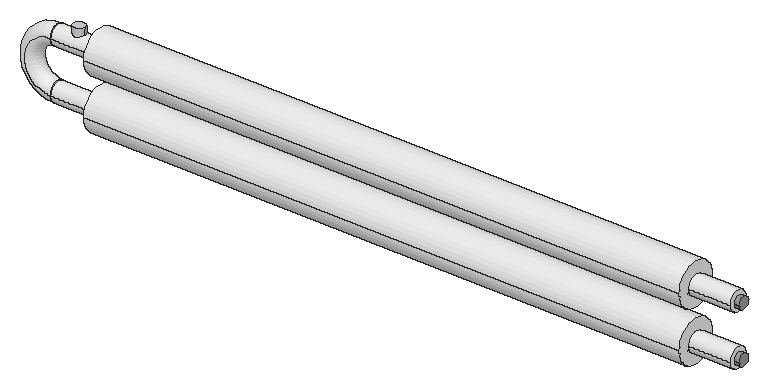
Revit family
Parameters (values of type "K33-73-08")
  URL = "http://viewer.zmags.com/publication/f01ae52f"
  Tube Radius = 16.9 mm
  Tube Diameter = 33.7 mm
  Tube = RAL 9016
  Thermal Performance = Thermal Performance Constant * Length / 1000 mm  # 105.6
  Socket Thick = 10 mm
  Socket Radius = 10 mm
  Socket = RAL 9016
  Side Socket = Tube Radius + Socket Thick  # 26.9 mm
  R = Centre Line Distance / 2  # 45 mm
  Model = "K33-73-08"
  Manufacturer = "Meinertz"  # constant formula
  Length = 1200 mm
  L = Length / 2  # 600 mm
  Keynote = "K33-73-08"
  Height = 125 mm
  GoGetNo = 6967  # constant formula
  Fins = yes
  Fin Radius = 41.5 mm
  Fin Pitch = RAL 9016 F
  Fin Diameter = 73 mm
  Centre Line Distance = 90 mm
  Thermal Performance Constant = if(Fin Diameter = 73 mm, 88, if(Fin Diameter = 83 mm, 104, if(Fin Diameter = 92 mm, 88, if(Fin Diameter = 98 mm, 82, if(Fin Diameter = 123 mm, 110, if(Fin Diameter = 139 mm, 133, 180))))))  # 88
Types (9, lengths in mm): name | Tube Radius | Tube Diameter | Thermal Performance | Socket Radius | Side Socket | R | Model | Keynote | Height | Fin Radius | Fin Diameter | Centre Line Distance | Thermal Performance Constant
  (no name) | 16.9 | 33.7 | 105.6 | 10 | 26.9 | 45 | "K33-73-08" | "K33-73-08" | 125 | 41.5 | 73 | 90 | 88
  K33-73-08 | 16.9 | 33.7 | 105.6 | 10 | 26.9 | 45 | "K33-73-08" | "K33-73-08" | 125 | 41.5 | 73 | 90 | 88
  K33-83-10 | 16.9 | 33.7 | 124.8 | 10 | 26.9 | 50 | "K33-83-10" | "K33-83-10" | 125 | 41.5 | 83 | 100 | 104
  K42-92-10 | 21.2 | 42.4 | 105.6 | 10 | 31.2 | 50 | "K42-92-10" | "K42-92-10" | 150 | 46 | 92 | 100 | 88
  K48-98-10 | 24.2 | 48.3 | 98.4 | 10 | 34.2 | 60 | "K48-98-10" | "K48-98-10" | 150 | 49 | 98 | 120 | 82
  K60-110-10 | 30.2 | 60.3 | 216 | 10 | 40.2 | 75 | "K60-110-10" | "K60-110-10" | 150 | 55 | 110 | 150 | 180
  K60-123-12 | 30.2 | 60.3 | 132 | 11.9 | 40.2 | 75 | "K60-123-12" | "K60-123-12" | 150 | 61.5 | 123 | 150 | 110
  K76-139-12 | 38.5 | 76.1 | 159.6 | 10 | 48.5 | 95 | "K76-139-12" | "K76-139-12" | 150 | 69.5 | 139 | 190 | 133
  K101-164-12 | 50.8 | 101.6 | 216 | 10 | 60.8 | 135 | "K101-164-12" | "K101-164-12" | 150 | 82 | 164 | 270 | 180
Reference planes
  plane 1 "Center (Front/Back)": y = 0
  plane 2: z = 0
  plane 3 "Center (Left/Right)": x = 0
  plane 4: z = 166.5
  plane 5: z = 256.5
  plane 6: z = 125
  plane 7: z = 298
  plane 8: x = -600
  plane 9: x = 600
  plane 10: x = 610
  plane 11: z = 211.5
  plane 12: x = -562.5
Forms (mm)
  Sweep 1, solid, material "RAL 9016" <- "Tube"
    path origin (-200, 0, 0) x (1, 0, 0) y (0, 0, 1)
      loop
        arc (-400, 256.5) -> (-445, 211.5) -> (-400, 166.5) r 45
    profile origin (-645, 0, 211.5) x (0, -1, 0) y (1, 0, 0)
      loop
        circle (0, 0) r 16.9
  Extrusion 2, solid, material "Tap"
    sketch origin (0, 0, 0) x (0, 1, 0) y (0, 0, 1)
      loop
        circle (0, 166.5) r 10
    from 600 to 610
  Extrusion 3, solid, material "Tap"
    sketch origin (0, 0, 0) x (0, 1, 0) y (0, 0, 1)
      loop
        circle (0, 256.5) r 10
    from 600 to 610
  Extrusion 4, solid
    sketch origin (-666.92, -1524, 256.5) x (-1, 0, 0) y (0, -1, 0)
      loop
        circle (-104.42, -1524) r 10
    from 0 to 26.9
Dimensions and locks
  "Centre Line Distance": plane 5 to plane 4
  "Height": plane 6 to level
  "Fin Radius": plane 7 to plane 5
  "Fin Radius": plane 4 to plane 6
  "L": plane 3 "Center (Left/Right)" to plane 8
  "Socket Thick": plane 10 to plane 9
  "L": plane 9 to plane 3 "Center (Left/Right)"
  equal spacing: plane 5, plane 11, plane 4
  equal spacing: nested 2, plane 12, plane 8
  equal spacing: Extrusion 4 sketch curve, plane 12, Extrusion 4 sketch curve
  equal spacing: Extrusion 4 sketch curve, plane 1 "Center (Front/Back)", Extrusion 4 sketch curve
  "Tube Radius": radius of Sweep 1 sketch curve
  "R": radius of Sweep 1 sketch curve
  "Socket Radius": radius of Extrusion 2 sketch curve
  "Socket Radius": radius of Extrusion 3 sketch curve
  aligned and locked: plane 1 "Center (Front/Back)" to nested 1
  aligned and locked: plane 4 to nested 1
  aligned and locked: plane 5 to nested 2
  aligned and locked: Sweep 1 to plane 8
  aligned and locked: plane 8 to Sweep 1 sketch curve  (x2)
  aligned and locked: plane 10 to Extrusion 2
  aligned and locked: plane 10 to Extrusion 3
  aligned and locked: plane 9 to nested 2
  aligned and locked: plane 9 to nested 1
  aligned and locked: plane 9 to Extrusion 3
  aligned and locked: plane 9 to Extrusion 2
Automatic sketch dimensions
  Sweep 1 sketch curve to plane 5 = 0 mm
  Sweep 1 sketch curve to plane 1 "Center (Front/Back)" = 0 mm
  Sweep 1 sketch curve to profile plane = 0 mm
  Extrusion 2 sketch curve to plane 1 "Center (Front/Back)" = 0 mm
  Extrusion 2 sketch curve to plane 4 = 0 mm
  Extrusion 3 sketch curve to plane 1 "Center (Front/Back)" = 0 mm
  Extrusion 3 sketch curve to plane 5 = 0 mm
  radius of Extrusion 4 sketch curve = 10 mm
Nested families
  nested 1: "Ribberør LSV-Finned Tube" at (0, 0, -33.5), type "k33-73-08"
  nested 2: "Ribberør LSV-Finned Tube" at (0, 0, 56.5), type "k33-73-08"
Connectors
  piping at (610, 0, 166.5)
    settings: on Extrusion 2, index 1, connector radius 10 mm, flow factor 0, pipe flow 0.0 L/s, pressure drop 0.0 Pa, fitting loss kfactor 0, connector angle 0.00°, fixture units 0, flow configuration 1, flow direction 1, fitting loss method 0, system type 22, connector reference index -1, connector utility 0, adjustable connector no, is connector primary yes, fitting loss table "", connector description ""
  piping at (610, 0, 256.5)
    settings: on Extrusion 3, index 2, connector radius 10 mm, flow factor 0, pipe flow 0.0 L/s, pressure drop 0.0 Pa, fitting loss kfactor 0, connector angle 0.00°, fixture units 0, flow configuration 1, flow direction 2, fitting loss method 0, system type 22, connector reference index -1, connector utility 0, adjustable connector no, is connector primary no, fitting loss table "", connector description ""
  piping at (-562.5, 0, 283.4)
    settings: on Extrusion 4, index 3, connector radius 10 mm, flow factor 0, pipe flow 0.0 L/s, pressure drop 0.0 Pa, fitting loss kfactor 0, connector angle 0.00°, fixture units 0, flow configuration 1, flow direction 2, fitting loss method 0, system type 22, connector reference index -1, connector utility 0, adjustable connector no, is connector primary no, fitting loss table "", connector description ""
Definition of nested family "Ribberør LSV-Finned Tube"
  Parameters (values of type "K101-164-12")
    URL = "http://www.meinertz.com"
    Tube Radius = Tube Diameter / 2  # 50.8 mm
    Tube Diameter = 101.6 mm
    Tube = RAL 9016
    Offset = 75 mm
    Model = "K101-164-12"
    Max #1 Pole Breakers [instance] = 271
    Manufacturer = "Meinertz"
    Length = 1200 mm
    Keynote = "K101-164-12"
    Height = 150 mm
    GoGetNo = 6959  # constant formula
    Fins = yes
    Fin Radius = Fin Diameter / 2  # 82 mm
    Fin Pitch = RAL 9016 F
    Fin Offset = 0.6 mm
    Fin Diameter = 164 mm
    Assembly Code = ""
  Types (8, lengths in mm): name | Tube Radius | Tube Diameter | Model | Max #1 Pole Breakers | Keynote | Height | Fin Radius | Fin Offset | Fin Diameter
    K33-83-10 | 16.85 | 33.7 | "K33-83-10" | 271 | "K33-83-10" | 150 | 41.5 | 0.3 | 83
    K42-92-10 | 21.2 | 42.4 | "K42-92-10" | 271 | "K42-92-10" | 150 | 46 | 0.4 | 92
    K48-98-10 | 24.15 | 48.3 | "K48-98-10" | 271 | "K48-98-10" | 150 | 49 | 0.4 | 98
    K60-110-10 | 30.15 | 60.3 | "K60-110-10" | 271 | "K60-110-10" | 150 | 55 | 0.5 | 110
    K60-123-12 | 30.15 | 60.3 | "K60-123-12" | 271 | "K60-123-12" | 150 | 61.5 | 0.4 | 123
    K76-139-12 | 38.05 | 76.1 | "K76-139-12" | 271 | "K76-139-12" | 150 | 69.5 | 0.5 | 139
    K101-164-12 | 50.8 | 101.6 | "K101-164-12" | 271 | "K101-164-12" | 150 | 82 | 0.6 | 164
    k33-73-08 | 16.85 | 33.7 | "K101-164-12" | 211 | "K101-164-12" | 200 | 36.5 | 0.3 | 73
  Reference planes
    plane 1 "Center (Front/Back)": y = 0
    plane 2: z = 0
    plane 3 "Center (Left/Right)": x = 0
    plane 4: x = -600
    plane 5: x = 600
    plane 6: z = 150
    plane 7: x = -525
    plane 8: x = 525
  Forms (mm)
    Extrusion 1, solid, material "RAL 9016" <- "Tube"
      sketch origin (0, 0, 0) x (0, 1, 0) y (0, 0, 1)
        loop
          circle (0, 150) r 50.8
      from -600 to 600
    Extrusion 2, solid, material "RAL 9016 F" <- "Fin Pitch", visible <- "Fins"
      sketch origin (0, 0, 0) x (0, 1, 0) y (0, 0, 1)
        loop
          circle (0, 150) r 82
      from -525 to 525
  Dimensions and locks
    equal spacing: plane 4, plane 3 "Center (Left/Right)", plane 5
    "Length": plane 4 to plane 5
    "Offset": plane 4 to plane 7
    "Offset": plane 8 to plane 5
    "Height": plane 6 to plane 2
    "Tube Radius": radius of Extrusion 1 sketch curve
    "Fin Radius": radius of Extrusion 2 sketch curve
    aligned and locked: Extrusion 1 to plane 4
    aligned and locked: plane 5 to Extrusion 1
    aligned and locked: plane 8 to Extrusion 2
    aligned and locked: Extrusion 2 to plane 7
  Automatic sketch dimensions
    Extrusion 1 sketch curve to plane 1 "Center (Front/Back)" = 0 mm
    Extrusion 1 sketch curve to plane 6 = 0 mm
    Extrusion 2 sketch curve to plane 1 "Center (Front/Back)" = 0 mm
    Extrusion 2 sketch curve to plane 6 = 0 mm
